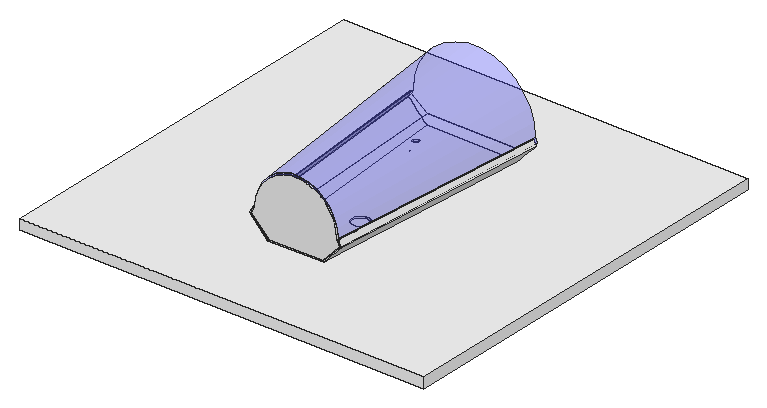
Revit family "BE_50125.1_de_DE", category Leuchten, Revit 2020
Family settings
  Basisbauteil = Fläche
  Bemaßung runder Anschluss = Durchmesser verwenden
  Teiletyp = Normal
  Beim Laden mit Abzugskörper schneiden = Ja
  Lichtquelle = Ja
  Gemeinsam genutzt = Nein
  Raumberechnungspunkt = Ja
Parameters (values of type "BEGA_50125.1_K3")
  built-in parameter 1150104 = 8.3613 (stored number, unit not read)
  Wattage = 12 W
  Default Elevation = 0 mm
  built-in parameter 1150113 = 1 (stored number, unit not read)
  built-in parameter 1114218 = 1 (stored number, unit not read)
  Umgebungstemperatur = "25 °C"
  URL = "https://www.bega.com/de/produkt/50125.1"
  Typenkommentare = "© 2022 BEGA. Wir behalten uns das Recht vor, technische Änderungen ohne vorherige Ankündigung vorzunehmen."  # constant formula
  built-in parameter 1150134 = (empty or 0)
  built-in parameter 1150109 = 1 (stored number, unit not read)
  Strom = ""
  built-in parameter 1150110 = 1 (stored number, unit not read)
  Spannung = 230 V
  Sonderanfertigung = no
  Seriennummer [instance] = "Hier können Sie die eindeutige Seriennummer für das Facility Management eintragen."
  Schutzklasse = "I"
  Schutzart = "IP 20"
  Scheinlast = 0 VA
  Produktdatenblatt = "https://cdn.bega.com/bega/products/50125.1K3/current/documents/data-sheets/de"
  Oberflächentemperatur = ""
  Neigungswinkel = 0.00°
  Modell = "50125.1K3"
  Material_17 = BEGA_Reflektor
  Material_15 = BEGA_Leuchtmedium_matt
  Material_11 = BEGA_Glas_opal
  Material_09 = BEGA_Glas_klar
  Material_06 = BEGA_Oberfläche_Edelstahl_gebürstet
  Material_05 = BEGA_Oberfläche_Aluminium Guss
  Material_03 = BEGA_Oberfläche_Weiss_matt
  Material_02 = BEGA_Oberfläche_Silber_matt
  Material_01 [instance] = BEGA_Oberfläche_Grafit_matt
  M_W = no
  M_G = no
  M_A = no
  Logo = 0
  built-in parameter 1114217 = 1 (stored number, unit not read)
  built-in parameter 1150139 = (empty or 0)
  built-in parameter 1150105 = 85.944 (stored number, unit not read)
  built-in parameter 1150114 = 1 (stored number, unit not read)
  Lumens = 1080 lm
  built-in parameter 1150115 = 1 (stored number, unit not read)
  Leuchtenlichtstrom = "437 lm"
  Leuchtenanzahl = ""
  Lebensdauerkriterien = "L70B50 @ 25 °C = 80000 h"
  Lastklassifizierung = Beleuchtung
  built-in parameter 1150112 = 1 (stored number, unit not read)
  Lampenlichtstrom = "660 lm"
  Lampe = "LED 7.4 W"
  LED_Modulbezeichnung = "LED-0662/930"
  Hersteller = "BEGA"  # constant formula
  Halbstreuwinkel = ""
  Gewicht = "0.85 kg"
  Gebrauchslageneinschränkung [instance] = ""
  Frequenz = "50/60 Hz"
  Farbwiedergabeindex = "CRI > 90"
  Farbtemperaturverschiebung bei Dämpfen der Lampe = <Keine Auswahl>
  Farbtemperatur = "3000 K"
  Color Filter = 16777215
  built-in parameter 1150133 = 10 (stored number, unit not read)
  Energieeffizienzklasse = "LED A++ - A"
  built-in parameter 1150137 = (empty or 0)
  built-in parameter 1150132 = (empty or 0)
  ENEC = "ja"
  Dimmbar [instance] = "on/off"
  Datei für fotometrisches Netz = "BE_50125.1K3.IES"
  CE_Konformität = "ja"
  Bestellnummer = "50125.1K3"
  Beschreibung_Sonderanfertigung = "Hier können Sie Informationen zur Sonderanfertigung eintragen."
  Beschreibung = "Wandleuchte"
  built-in parameter 1150106 = 0.85944 (stored number, unit not read)
  Befestigungsbohrung = "Ø 6 mm"
  Befestigungsabstand = "70 mm"
  Ballwurfsicher = ""
  BEGA_Intern_aus = yes
  BEGA_Intern_an = yes
  BEGA_Intern_Konstruktion = yes
  BEGA_Intern = yes
  BEGA_IES = yes
  BEGA_Dummy = no
  Anschlussleitung = ""
  Anschlussleistung [instance] = "7.4 W"
  Anschlusskasten = ""
  built-in parameter 1150107 = 3000 (stored number, unit not read)
  built-in parameter 1150102 = (empty or 0)
  built-in parameter 1150138 = (empty or 0)
  Aktualisierung = "2022-05-18T04:00:07"
  Abstand_zur_angestrahlten_Fläche [instance] = ""
  AC/DC = "AC"
Reference planes
  plane 1 "Mitte (Vorne/Hinten)": y = 0
  plane 2: z = 0
  plane 3 "Mitte (Links/Rechts)": x = 0
  plane 4 "Links": x = -63.776
  plane 5 "Rechts": x = 63.776
  plane 6 "Unten": y = -108.5
  plane 7 "Oben": y = 112.5
  plane 8 "Vorne": z = 86.4
  plane 9 "Hinten": z = 0
Forms (mm)
  Extrusion 1, solid, material "BEGA_Platte_Weiss"
    sketch origin (0, -1119.2, 0) x (1, 0, 0) y (0, 1, 0)
      loop
        line (-200, 1319.2) -> (-200, 919.2) -> (200, 919.2) -> (200, 1319.2) -> (-200, 1319.2)
    from 0 to -10
  Extrusion 2, solid, material "BEGA_Dummy_matt", visible <- "BEGA_Dummy"
    sketch origin (80.095, -76.023, 0) x (1, 0, 0) y (0, 1, 0)
      loop
        line (-143.872, 188.523) -> (-143.872, -32.477) -> (-16.319, -32.477) -> (-16.319, 188.523) -> (-143.872, 188.523)
    from 0 to 86.4
Dimensions and locks
  plane 1 "Mitte (Vorne/Hinten)" to Extrusion 1 = 200 mm
  aligned and locked: plane 2 to Extrusion 1
  aligned and locked: level to Extrusion 1
Nested families
  nested 1: "BE_50125.1" at (0, 0, 0), type "BE_50125.1"
Connectors
  electrical at (0, 0, 0), driven by "Lastklassifizierung", driven by "Spannung", driven by "Scheinlast"
    settings: index 1, voltage 230 V, apparent load 0 VA, apparent load phase1 0 VA, apparent load phase2 0 VA, apparent load phase3 0 VA, power factor 1, load classification "Beleuchtung", number of poles 1, system type 31, power factor state 1, is connector primary yes, connector utility no, sub classification motor no, connector description ""
Definition of nested family "BE_50125.1"
  Parameters (values of type "BE_50125.1")
    Default Elevation = 1 mm
    URL = "http://www.bega.de/de/produkt"
    Type Comments = "© 2015 BEGA. Wir behalten uns das Recht vor, technische Änderungen ohne vorherige Ankündigung vorzunehmen. "  # constant formula
    Type Image = (empty or 0)
    Neigungswinkel_um_Z2 = 0.00°
    Neigungswinkel_um_Z1 = 0.00°
    Neigungswinkel_um_Y2 = 0.00°
    Neigungswinkel_um_Y1 = 0.00°
    Neigungswinkel_um_X2 = 0.00°
    Neigungswinkel_um_X1 = 0.00°
    Material_17 = none
    Material_15 = none
    Material_11 = none
    Material_09 = none
    Material_06 = none
    Material_05 = none
    Material_03 = none
    Material_02 = none
    Material_01 = none
    M_W = yes
    M_G = yes
    M_A = yes
    Länge_Platte = 200 mm  # constant formula
    Höhe_Platte = -10 mm  # constant formula
    Manufacturer = "BEGA"  # constant formula
    Drehwinkel_um_Z2 = 0.00°
    Drehwinkel_um_Z1 = 0.00°
    Breite_Platte = 350 mm  # constant formula
  Reference planes
    plane 1 "Mitte (Oben/Unten)": y = 0
    plane 2: z = 0
    plane 3 "Mitte (Links/Rechts)": x = 0
    plane 4: x = -63.776
    plane 5: x = 63.776
    plane 6: y = 112.5
    plane 7: z = 86.4
    plane 8: y = -108.5
  Forms (mm)
    Extrusion 1, solid, detail levels medium
      sketch origin (0, 0, 0) x (1, 0, 0) y (0, 1, 0)
        loop
          line (-100, 175) -> (-100, -175) -> (100, -175) -> (100, 175) -> (-100, 175)
      from 0 to -10 <- "Höhe_Platte"
    Blend 2, solid, material <- "Material_11", detail levels medium+fine
      base sketch origin (0, 0, 0) x (1, 0, 0) y (0, 0, 1)
        loop
          line (-34.269, 9.24) -> (34.269, 9.24) -> (44.378, 19.895) -> (41.412, 26.078)
          arc (41.412, 26.078) -> (0.001, 67.489) -> (-41.409, 26.078) r 41.411
          line (-41.409, 26.078) -> (-44.385, 19.901) -> (-34.269, 9.24)
      top sketch origin (0, 0, 0) x (1, 0, 0) y (0, 0, 1)
        loop
          line (-60.4, 26) -> (-62.582, 21.32) -> (-46.007, 9.24) -> (46.007, 9.24) -> (62.582, 21.32) -> (60.4, 26)
          arc (60.4, 26) -> (0, 86.4) -> (-60.4, 26) r 60.4
      from 107.5 to -112.5
    Extrusion 3, solid, material <- "Material_03", detail levels medium+fine
      sketch origin (0, 0, 0) x (1, 0, 0) y (0, 0, 1)
        loop
          line (-26.435, 2) -> (26.435, 2) -> (43.319, 19.795) -> (40.413, 25.926)
          arc (40.413, 25.926) -> (0.002, 66.337) -> (-40.409, 25.926) r 40.411
          line (-40.409, 25.926) -> (-43.326, 19.803) -> (-26.435, 2)
      from 107.5 to 108.5
    SweptBlend 4, solid, material <- "Material_03", detail levels medium+fine
      path origin (0, 0, 2) x (0, 1, 0) y (0, 0, -1)
        loop
          line (-108.5, 1) -> (108.5, 1)
      profile origin (0, -108.5, 1) x (0, 0, 1) y (1, 0, 0)
        loop
          line (18.901, -44.385) -> (1, -27.4) -> (1, 27.4) -> (18.901, 44.385) -> (25.078, 41.409) -> (25.416, 42.135) -> (18.751, 45.345) -> (0, 27.554) -> (0, -27.554) -> (18.751, -45.345) -> (25.416, -42.135) -> (25.078, -41.409) -> (18.901, -44.385)
      end profile origin (0, 108.5, 1) x (0, 0, 1) y (1, 0, 0)
        loop
          line (25.416, -61.176) -> (25.078, -60.451) -> (19.982, -62.821) -> (0.8, -44.589) -> (0.8, 44.589) -> (19.982, 62.821) -> (25.045, 60.466) -> (25.045, 61.349) -> (19.826, 63.776) -> (0, 44.932) -> (0, -44.932) -> (19.826, -63.776) -> (25.416, -61.176)
    Revolve 5, solid, material <- "Material_03", detail levels medium+fine
      sketch origin (0, 67.5, 0) x (1, 0, 0) y (0, 0, 1)
        loop
          line (-36.5, 0) -> (-33, 0) -> (-33, 1.215) -> (-36.5, 1.215) -> (-36.5, 0)
        axis (-33, 1.215) -> (-33, 0)
      angle from 0 to 360
    Revolve 6, solid, material <- "Material_03", detail levels medium+fine
      sketch origin (0, 67.5, 0) x (-1, 0, 0) y (0, 0, -1)
        loop
          line (-36.5, 0) -> (-36.5, -1.215) -> (-33, -1.215) -> (-33, 0) -> (-36.5, 0)
        axis (-33, -1.215) -> (-33, 0)
      angle from 0 to 360
    Extrusion 7, void
      sketch origin (0, 0, 0) x (1, 0, 0) y (0, 1, 0)
        loop
          circle (-35, 83.5) r 3
        loop
          circle (35, 83.5) r 3
        loop
          circle (11, -42.5) r 8.5
      from 0 to 4.282
  Cuts and joins
    Extrusion 7 cuts SweptBlend 4
    Extrusion 7 cuts Revolve 5
    Extrusion 7 cuts Revolve 6
    joined: SweptBlend 4, Revolve 5, Revolve 6
    Extrusion 7 cuts Blend 2
  Dimensions and locks
    equal spacing: Extrusion 1 sketch curve, plane 3 "Mitte (Links/Rechts)", Extrusion 1 sketch curve
    equal spacing: Extrusion 1 sketch curve, plane 1 "Mitte (Oben/Unten)", Extrusion 1 sketch curve
    "Länge_Platte": Extrusion 1 sketch curve to Extrusion 1 sketch curve
    "Breite_Platte": Extrusion 1 sketch curve to Extrusion 1 sketch curve
    aligned and locked: Extrusion 1 to plane 2
    aligned and locked: level to Extrusion 1
  Automatic sketch dimensions
    level to Extrusion 3 sketch curve = 19.803 mm
    Extrusion 3 sketch curve to plane 3 "Mitte (Links/Rechts)" = 43.326 mm
    Extrusion 3 sketch curve to Extrusion 3 sketch curve = 2.917 mm
    level to Extrusion 3 sketch curve = 2 mm
    Extrusion 3 sketch curve to Extrusion 3 sketch curve = 16.891 mm
    plane 3 "Mitte (Links/Rechts)" to Extrusion 3 sketch curve = 0.002 mm
    plane 3 "Mitte (Links/Rechts)" to Extrusion 3 sketch curve = 26.435 mm
    level to Extrusion 3 sketch curve = 19.795 mm
    Extrusion 3 sketch curve to Extrusion 3 sketch curve = 2.906 mm
    Extrusion 3 sketch curve to Extrusion 3 sketch curve = 6.131 mm
    SweptBlend 4 sketch curve to level = 1 mm
    SweptBlend 4 sketch curve to profile plane = 0 mm  (x2)
    SweptBlend 4 sketch curve to profile plane = 1 mm
    SweptBlend 4 sketch curve to profile plane = 18.751 mm  (x2)
    SweptBlend 4 sketch curve to SweptBlend 4 sketch curve = 0.15 mm  (x2)
    SweptBlend 4 sketch curve to SweptBlend 4 sketch curve = 6.177 mm  (x2)
    SweptBlend 4 sketch curve to SweptBlend 4 sketch curve = 0.338 mm  (x3)
    SweptBlend 4 sketch curve to plane 3 "Mitte (Links/Rechts)" = 45.345 mm
    SweptBlend 4 sketch curve to SweptBlend 4 sketch curve = 0.96 mm  (x2)
    SweptBlend 4 sketch curve to SweptBlend 4 sketch curve = 2.25 mm
    SweptBlend 4 sketch curve to SweptBlend 4 sketch curve = 0.725 mm  (x3)
    SweptBlend 4 sketch curve to SweptBlend 4 sketch curve = 16.83 mm
    SweptBlend 4 sketch curve to SweptBlend 4 sketch curve = 0.154 mm  (x2)
    plane 3 "Mitte (Links/Rechts)" to SweptBlend 4 sketch curve = 27.4 mm
    SweptBlend 4 sketch curve to SweptBlend 4 sketch curve = 14.009 mm
    SweptBlend 4 sketch curve to SweptBlend 4 sketch curve = 2.975 mm
    SweptBlend 4 sketch curve to profile plane = 0.8 mm
    SweptBlend 4 sketch curve to profile plane = 19.826 mm  (x2)
    SweptBlend 4 sketch curve to SweptBlend 4 sketch curve = 0.156 mm  (x2)
    SweptBlend 4 sketch curve to SweptBlend 4 sketch curve = 5.063 mm
    SweptBlend 4 sketch curve to SweptBlend 4 sketch curve = 5.096 mm
    SweptBlend 4 sketch curve to plane 3 "Mitte (Links/Rechts)" = 63.776 mm
    SweptBlend 4 sketch curve to SweptBlend 4 sketch curve = 0.955 mm  (x2)
    SweptBlend 4 sketch curve to SweptBlend 4 sketch curve = 17.889 mm
    SweptBlend 4 sketch curve to SweptBlend 4 sketch curve = 0.343 mm  (x2)
    plane 3 "Mitte (Links/Rechts)" to SweptBlend 4 sketch curve = 44.589 mm
    SweptBlend 4 sketch curve to SweptBlend 4 sketch curve = 15.878 mm
    SweptBlend 4 sketch curve to SweptBlend 4 sketch curve = 0.882 mm
    SweptBlend 4 sketch curve to SweptBlend 4 sketch curve = 1.473 mm
    Revolve 5 sketch curve to level = 0 mm  (x2)
    Revolve 5 sketch curve to plane 3 "Mitte (Links/Rechts)" = 36.5 mm
    level to Revolve 5 sketch curve = 1.215 mm
    Revolve 5 sketch curve to Revolve 5 sketch curve = 3.5 mm
    Revolve 5 sketch curve to Revolve 5 sketch curve = 0 mm  (x2)
    Revolve 6 sketch curve to level = 0 mm  (x2)
    plane 3 "Mitte (Links/Rechts)" to Revolve 6 sketch curve = 36.5 mm
    level to Revolve 6 sketch curve = 1.215 mm
    Revolve 6 sketch curve to Revolve 6 sketch curve = 3.5 mm
    Revolve 6 sketch curve to Revolve 6 sketch curve = 0 mm  (x2)
    SweptBlend 4 sketch curve to SweptBlend 4 sketch curve = 1.645 mm
    level to Blend 2 sketch curve = 19.901 mm
    Blend 2 sketch curve to plane 3 "Mitte (Links/Rechts)" = 44.385 mm
    Blend 2 sketch curve to Blend 2 sketch curve = 2.975 mm
    Blend 2 sketch curve to Blend 2 sketch curve = 10.115 mm
    plane 3 "Mitte (Links/Rechts)" to Blend 2 sketch curve = 0.001 mm
    Blend 2 sketch curve to Blend 2 sketch curve = 7.143 mm
    level to Blend 2 sketch curve = 19.895 mm
    Blend 2 sketch curve to Blend 2 sketch curve = 2.966 mm
    level to Blend 2 sketch curve = 9.24 mm  (x2)
    Blend 2 sketch curve to Blend 2 sketch curve = 6.183 mm
    Blend 2 sketch curve to plane 3 "Mitte (Links/Rechts)" = 0 mm
    Blend 2 sketch curve to plane 3 "Mitte (Links/Rechts)" = 46.007 mm
    level to Blend 2 sketch curve = 26 mm
    Blend 2 sketch curve to Blend 2 sketch curve = 14.393 mm  (x2)
    level to Blend 2 sketch curve = 21.32 mm  (x2)
    Blend 2 sketch curve to Blend 2 sketch curve = 2.182 mm  (x2)
    Extrusion 7 sketch curve to plane 3 "Mitte (Links/Rechts)" = 35 mm
    plane 3 "Mitte (Links/Rechts)" to Extrusion 7 sketch curve = 11 mm
    plane 3 "Mitte (Links/Rechts)" to Extrusion 7 sketch curve = 35 mm
    plane 1 "Mitte (Oben/Unten)" to Extrusion 7 sketch curve = 42.5 mm
    SweptBlend 4 sketch curve to plane 1 "Mitte (Oben/Unten)" = 108.5 mm
    plane 1 "Mitte (Oben/Unten)" to SweptBlend 4 sketch curve = 108.5 mm
    Extrusion 7 sketch curve to plane 1 "Mitte (Oben/Unten)" = 83.5 mm
    Extrusion 7 sketch curve to Extrusion 7 sketch curve = 0 mm
    radius of Extrusion 7 sketch curve = 3 mm  (x2)
    radius of Extrusion 7 sketch curve = 8.5 mm
